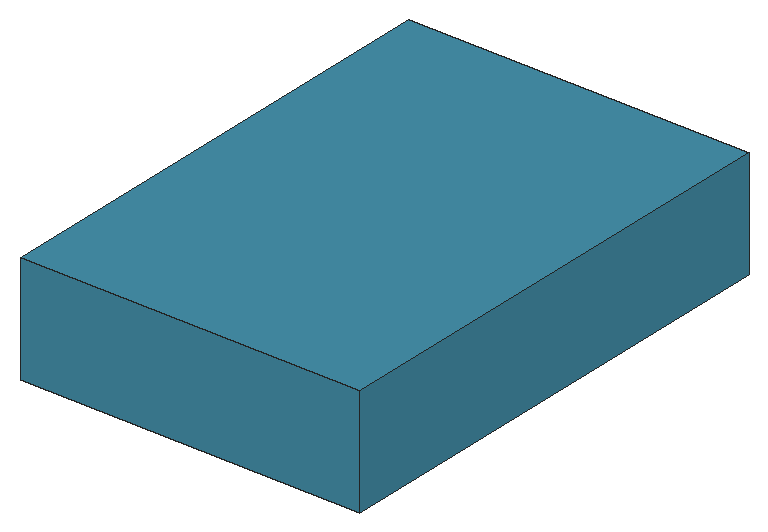
Revit family "Fixture_Control-Lutron-Quantum-QP3", category Electrical Equipment, host Face, Revit 2017
Family settings
  Host = Face
  Round Connector Dimension = Use Diameter
  Part Type = Other Panel
  OmniClass Number = 23.85.80.11
  OmniClass Title = Building Controls
  Cut with Voids When Loaded = No
  Shared = No
  Room Calculation Point = No
Parameters (values of type "120V")
  Wattage = ""
  Warranty URL = ""
  Voltage = "120.00 V"
  Video Link = "https://www.youtube.com/user/LutronElectronicsInc"
  Version = "2017 - v1.0b"  # constant formula
  Unit Weight = 11.00 lbf
  URL = "http://www.lutron.com"
  Type Comments = ""
  Support Phone = "(224) 699-9545"  # constant formula
  Support Email = "mailto: support@anguleris.com"
  Series = "Quantum"
  Product Page URL = "http://www.lutron.com/en-US/Products/Pages/WholeBuildingSystems/Quantum/Overview.aspx"
  Product Name = "Centralized Control Equipment - QP3"
  Product Documentation Link = "http://www.lutron.com/TechnicalDocumentLibrary/369423.pdf"
  Phase = 1
  Performance URL = "http://www.lutron.com/en-US/Service-Support/Pages/Technical/PerfomanceSpecs.aspx"
  Panel Name [instance] = (empty or 0)
  Overall Width = 0' - 9 1/4"
  Overall Height = 1' - 1 1/4"
  Overall Depth = 0' - 3 1/8"
  Number of Poles = 1
  built-in parameter 1140081 [instance] = "Surface"
  built-in parameter 1140084 [instance] = (empty or 0)
  Model = "QP3-120"
  Material = Steel - Lutron - Blue
  Manufacturer Phone Number = "610-282-3800"  # constant formula
  Manufacturer Fax Number = "610-282-1243"  # constant formula
  Manufacturer Email = "mailto:support@lutron.com"
  Manufacturer Address = "7200 Suter Rd, Coopersburg, PA 18036"  # constant formula
  Manufacturer = "Lutron Electronics Co., Inc"  # constant formula
  Load Classification = Power
  Keynote = ""
  Instruction Sheet Link = "http://www.lutron.com/TechnicalDocumentLibrary/032367_ENG.pdf"
  Frequency = 60 Hz
  built-in parameter 1140083 [instance] = "NEMA 1"
  Electrical Potential = 120 V
  Description = "Light Management Hub"
  Default Elevation = 4' - 0"
  Current = 1 A
  Cost Info = "mailto:sales@lutron.com"
  Cost = 0
  Copyright = "© 2019 Lutron Electronics Co., Inc."  # constant formula
  built-in parameter 1140086 [instance] = (empty or 0)
  built-in parameter 1140085 [instance] = (empty or 0)
  built-in parameter 1140087 [instance] = (empty or 0)
  Assembly Code = "D5020200"
  Apparent Power = Electrical Potential * Current  # 120 VA
Reference planes (in)
  plane 1 "Center (Front/Back)": y = 0
  plane 2: z = 0
  plane 3 "Center (Left/Right)": x = 0
  plane 4: x = -4.625
  plane 5: y = 13.25
  plane 6: x = 4.625
  plane 7: z = 3.125
  plane 8: z = 0.15
Forms (in)
  Extrusion 1, solid, material "Steel - Lutron - Blue" <- "Material"
    sketch origin (0, 0, 0) x (1, 0, 0) y (0, 1, 0)
      loop
        line (-4.625, 13.25) -> (-4.625, 0) -> (4.625, 0) -> (4.625, 13.25) -> (-4.625, 13.25)
    from 0.15 to 3.125
  Sweep 2, solid, material "Steel - Lutron - Satin", detail levels fine
    path origin (0, 0, 0) x (1, 0, 0) y (0, 0, 1)
      loop
        line (0, 0.15) -> (0, 0)
    profile origin (0, 0, 0.075) x (0, -1, 0) y (1, 0, 0)
      loop
        circle (-12.3, -3.795) r 0.5
      loop
        circle (-12.3, 3.705) r 0.5
      loop
        circle (-1.05, 3.705) r 0.5
      loop
        circle (-1.05, -3.795) r 0.5
Lines and regions (in)
  symbolic lines
    curve 1: line (-4.625, 0, 3.125) -> (4.625, 0, 3.125)
    curve 2: line (-4.625, 0, 0) -> (-4.625, 0, 3.125)
    curve 3: line (4.625, 0, 0) -> (-4.625, 0, 0)
    curve 4: line (4.625, 0, 3.125) -> (4.625, 0, 0)
Dimensions and locks (in)
  "Overall Height": plane 1 "Center (Front/Back)" to plane 5
  equal spacing: plane 4, plane 3 "Center (Left/Right)", plane 6
  "Overall Width": plane 4 to plane 6
  "Overall Depth": plane 7 to plane 2
  locked: plane 8 to plane 2 at 0.15
  locked: plane 5 to Sweep 2 sketch curve at 0.95  (x2)
  locked: Sweep 2 sketch curve to Sweep 2 sketch curve at 11.25  (x2)
  locked: plane 4 to Sweep 2 sketch curve at 0.83  (x2)
  locked: Sweep 2 sketch curve to plane 6 at 0.92  (x2)
  aligned and locked: plane 2 to host face
  aligned and locked: level to host face
  aligned and locked: Extrusion 1 sketch curve to plane 5
  aligned and locked: Extrusion 1 sketch curve to plane 1 "Center (Front/Back)"
  aligned and locked: Extrusion 1 sketch curve to plane 6
  aligned and locked: plane 4 to Extrusion 1 sketch curve
  aligned and locked: plane 7 to Extrusion 1
  aligned: Extrusion 1 to plane 2
  aligned and locked: Extrusion 1 to plane 8
  aligned and locked: Sweep 2 sketch curve to plane 3 "Center (Left/Right)"
  aligned and locked: plane 8 to Sweep 2 sketch curve
  aligned and locked: plane 2 to Sweep 2 sketch curve
  aligned and locked: curve 1 to plane 7
  aligned and locked: plane 2 to curve 3
  aligned and locked: plane 7 to curve 4
  aligned and locked: plane 2 to curve 2
  aligned and locked: plane 6 to curve 1
  aligned and locked: plane 6 to curve 3
  aligned and locked: plane 4 to curve 1
  aligned and locked: plane 4 to curve 3
Automatic sketch dimensions
  host sketch curve to host sketch curve = 3' - 9.83427"
  host sketch curve to host sketch curve = 4' - 8.66692"
  radius of Sweep 2 sketch curve = 0' - 0 1/2"  (x4)
Connectors (in)
  electrical at (0, 6.625, 0.15), driven by "Number of Poles", driven by "Load Classification", driven by "Electrical Potential", driven by "Apparent Power"
    settings: on Extrusion 1, index 1, voltage 120 V, apparent load 120 VA, apparent load phase1 0 VA, apparent load phase2 0 VA, apparent load phase3 0 VA, power factor 1, load classification "Power", number of poles 1, system type 30, power factor state 1, is connector primary yes, connector utility no, sub classification motor no, connector description "Power Connection"
